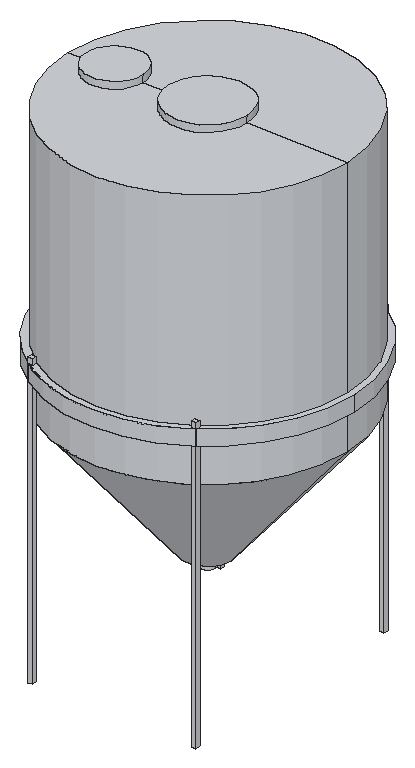
Revit family "Резервуар приема осадка 5м3", category Оборудование, Revit 2020
Family settings
  Размер круглого соединителя = Использовать диаметр
  Классификация = Нет
  Тип детали = Нормальный
  На основе рабочей плоскости = Нет
  Всегда вертикально = Нет
  При загрузке вырезать с полостями = Нет
  Общий = Нет
  Точка расчета площади = Нет
Parameters
  Правое исполнение [instance] = yes
  Отметка по умолчанию = 0 mm
  Материал фильтроэлемента = Сталь 08X18H10T (AISI 321) Красная
  Материал аппарата = Сталь 08X18H10T (AISI 321) Синяя
  Левое исполнение [instance] = yes
  Изготовитель = "ООО \"НПК \"Акватроник\""
  ADSK_Примечание [instance] = ""
  ADSK_Позиция [instance] = "14"
  ADSK_Наименование = "Резервуар приема осадка 5 м3"
  ADSK_Масса_Текст [instance] = "3400"
  ADSK_Завод-изготовитель [instance] = "ООО \"НПК \"Акватроник\""
  ADSK_Единица измерения = "шт."
Reference planes
  plane 1 "По центру (Вперед/Назад)": y = 0
  plane 2: z = 250
  plane 3 "По центру (Влево/Вправо)": x = -117.856
  plane 4: z = 1700
  plane 5 "1б": y = 0
Forms (mm)
  Revolve 1, solid
    sketch origin (0, 0, 0) x (1, 0, 0) y (0, 0, 1)
      loop
        line (-117.856, 3468.685) -> (-117.856, 788.358) -> (-66.384, 788.358) -> (-66.384, 868.482) -> (38.616, 868.482) -> (797.105, 1772.414) -> (797.105, 3468.685) -> (-117.856, 3468.685)
      axis (-117.856, 3468.685) -> (-117.856, 788.358)
    angle from 0 to 360
  Extrusion 2, solid
    sketch origin (0, 0, 2023) x (1, 0, 0) y (0, 1, 0)
      loop
        circle (-117.856, 0) r 960
    from 0 to 100
  Extrusion 3, void
    sketch origin (0, 0, 2023) x (1, 0, 0) y (0, 1, 0)
      loop
        circle (-117.856, 0) r 910
    from 0 to 100
  Extrusion 4, solid
    sketch origin (300, 0, 3414) x (1, 0, 0) y (0, 1, 0)
      loop
        circle (-1027.856, 0) r 185
    from 0 to 100
  Extrusion 5, solid
    sketch origin (0, 0, 3413) x (1, 0, 0) y (0, 1, 0)
      loop
        circle (-117.856, 0) r 255
    from 0 to 100
  Extrusion 6, solid
    sketch origin (-550, 170, 250) x (1, 0, 0) y (0, 1, 0)
      loop
        line (-117.856, -954.961) -> (-87.856, -954.961) -> (-87.856, -924.961) -> (-117.856, -924.961) -> (-117.856, -954.961)
    from 0 to 1910
  Extrusion 7, solid
    sketch origin (314.287, 170, 250) x (-1, 0, 0) y (0, -1, 0)
      loop
        line (-117.856, 954.961) -> (-117.856, 924.961) -> (-87.856, 924.961) -> (-87.856, 954.961) -> (-117.856, 954.961)
    from 0 to 1910
  Extrusion 8, solid
    sketch origin (-550, -170, 250) x (1, 0, 0) y (0, 1, 0)
      loop
        line (-117.856, 954.961) -> (-117.856, 924.961) -> (-87.856, 924.961) -> (-87.856, 954.961) -> (-117.856, 954.961)
    from 0 to 1910
  Extrusion 9, solid
    sketch origin (314.287, -170, 250) x (-1, 0, 0) y (0, -1, 0)
      loop
        line (-117.856, -954.961) -> (-87.856, -954.961) -> (-87.856, -924.961) -> (-117.856, -924.961) -> (-117.856, -954.961)
    from 0 to 1910
Cuts and joins
  Extrusion 3 cuts Revolve 1
  joined: Revolve 1, Extrusion 4, Extrusion 5
  Extrusion 3 cuts Extrusion 2
Dimensions and locks
  plane 4 to plane 2 = 1450 mm
  plane 4 to level = 1450 mm
  aligned and locked: level to plane 2
